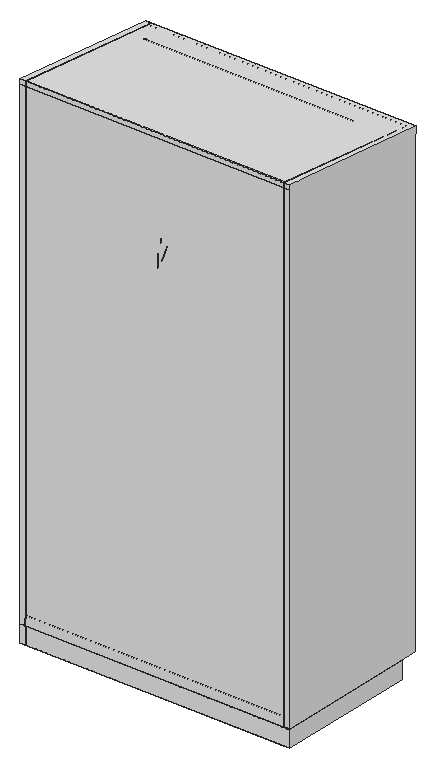
Revit family "Lockers_Series-50_Lincora", category Casework, Revit 2026
Family settings
  Work Plane-Based = No
  Always vertical = Yes
  Cut with Voids When Loaded = No
  Shared = No
  Room Calculation Point = No
Parameters (values of type "Series 50_White")
  Width = if(and(Requested Width < Max Width, Requested Width > Min Width), Requested Width, if(or(Requested Width = Max Width, Requested Width > Max Width), Max Width, Min Width))  # 48"
  URL = "https://www.lincora.com"
  Specification = "https://www.arcat.com/company/Harvey-Building-Products-32985/spec"
  Requested Width = 48"  # constant formula
  Requested Height = 90"  # constant formula
  Requested Depth = 28"  # constant formula
  Product Page URL = "https://www.arcat.com/company/Harvey-Building-Products-32985"
  Number Plate Material = Black Plastic
  Model = "Series 50"
  Min Width = 9"  # constant formula
  Min Height = 30 1/2"  # constant formula
  Min Depth = 12"  # constant formula
  Max Width = 48"  # constant formula
  Max Height = 90"  # constant formula
  Max Depth = 28"  # constant formula
  Manufacturer = "Lincora"
  Lock Material = Aluminum
  Keynote = "10 51 00"
  Increment = "8-Jan"
  Hook Width = Width - 2"  # 46"
  Hook Material = Aluminum
  Height = if(and(Requested Height < Max Height, Requested Height > Min Height), Requested Height, if(or(Requested Height = Max Height, Requested Height > Max Height), Max Height, Min Height))  # 90"
  Door Material = White
  Depth = if(and(Requested Depth < Max Depth, Requested Depth > Min Depth), Requested Depth, if(or(Requested Depth = Max Depth, Requested Depth > Max Depth), Max Depth, Min Depth))  # 28"
  Default Elevation = 0"
  Copyright = "ARCAT, Inc."
  CAD Details = "https://www.arcat.com/company/Harvey-Building-Products-32985/cad"
  Body Material = White
  Base Material = White
Types (12): name | Increment | Door Material | Body Material | Base Material
  Series 50_White | "8-Jan" | White | White | White
  Series 50_Nevada Beige | "" | Nevada Beige | Nevada Beige | Nevada Beige
  Series 50_Pearl Gray | "" | Pearl Gray | Pearl Gray | Pearl Gray
  Series 50_Aluminum Gray | "" | Aluminum Gray | Aluminum Gray | Aluminum Gray
  Series 50_Platinum Gray | "" | Platinum Gray | Platinum Gray | Platinum Gray
  Series 50_Medium Gray | "" | Medium Gray | Medium Gray | Medium Gray
  Series 50_Dark Gray | "" | Dark Gray | Dark Gray | Dark Gray
  Series 50_Ocean Blue | "" | Ocean Blue | Ocean Blue | Ocean Blue
  Series 50_Azure Blue | "" | Azure Blue | Azure Blue | Azure Blue
  Series 50_Dark Blue | "" | Dark Blue | Dark Blue | Dark Blue
  Series 50_Black | "" | Black | Black | Black
  Series 50_Red | "" | Red | Red | Red
Reference planes (in)
  plane 1 "Center (Front/Back)": y = 0
  plane 2: z = 0
  plane 3 "Center (Left/Right)": x = 0
  plane 4: y = 14
  plane 5: y = -14
  plane 6: x = 24
  plane 7: x = -24
  plane 8: z = 90
  plane 9: y = 11
  plane 10: y = 12.645
  plane 11: y = 12.436
  plane 12: y = -13.902
  plane 13: z = 87
  plane 14: z = 82.935
  plane 15: z = 13.794
  plane 16: z = 16.478
  plane 17: z = 17.353
  plane 18: z = 73.5
  plane 19: z = 72.625
  plane 20: z = 86.40205
  plane 21: z = 89.0932
  plane 22: z = 85.592
  plane 23: z = 4.346
  plane 24: z = 4.125
  plane 25: z = 3
  plane 26: z = 4
  plane 27: z = 4.937
  plane 28: z = 5.356
  plane 29: y = 11.936
  plane 30: y = 9.542
  plane 31: y = 8.106
  plane 32: y = -11.216
  plane 33: y = -12.652
  plane 34: x = -23.015
  plane 35: x = 23.015
  plane 36: x = -22.877
  plane 37: x = -21.471
  plane 38: x = -20.659
  plane 39: x = 22.77
  plane 40: x = -22.752
  plane 41: x = -19.378
  plane 42: z = 45
Forms (in)
  Extrusion 1, solid, material "White" <- "Body Material"
    sketch origin (0, 0, 0) x (0, 1, 0) y (0, 0, 1)
      loop
        line (9.542, 13.794) -> (9.542, 82.935) -> (8.106, 82.935) -> (8.106, 13.794) -> (9.542, 13.794)
      loop
        line (-11.216, 82.935) -> (-12.652, 82.935) -> (-12.652, 13.794) -> (-11.216, 13.794) -> (-11.216, 82.935)
    from -23.015 to -22.877
  Extrusion 2, solid, material "White" <- "Body Material"
    sketch origin (0, 0, 0) x (0, 1, 0) y (0, 0, -1)
      loop
        line (9.542, -13.794) -> (8.106, -13.794) -> (8.106, -82.935) -> (9.542, -82.935) -> (9.542, -13.794)
      loop
        line (-11.216, -82.935) -> (-11.216, -13.794) -> (-12.652, -13.794) -> (-12.652, -82.935) -> (-11.216, -82.935)
    from -23.015 to -22.877
  Extrusion 3, solid, material "White" <- "Body Material"
    sketch origin (0, 0, 0) x (0, 1, 0) y (0, 0, 1)
      loop
        line (-14.01, 90) -> (-14.01, 89.125) -> (-13.956, 89.125) -> (-13.956, 89.93766) -> (14.01, 86.95322) -> (14.01, 85.867) -> (12.382, 85.867) -> (12.382, 85.192)
        arc (12.382, 85.192) -> (12.361, 85.171) -> (12.34, 85.192) r 0.021
        line (12.34, 85.192) -> (12.34, 85.492) -> (12.286, 85.492) -> (12.286, 85.192)
        arc (12.286, 85.192) -> (12.361, 85.117) -> (12.436, 85.192) r 0.075
        line (12.436, 85.192) -> (12.436, 85.813) -> (14.064, 85.813) -> (14.064, 87) -> (-14.01, 90)
    from -24 to 24
  Extrusion 4, solid, material "White" <- "Body Material"
    sketch origin (0, 0, 0) x (0, 1, 0) y (0, 0, 1)
      loop
        line (-13.852, 89.92656) -> (-13.852, 89.0932) -> (12.38497, 86.40205) -> (12.45849, 87.11879) -> (-13.852, 89.92656)
    from -23.015 to 23.015
  Extrusion 5, solid, material "White" <- "Body Material"
    sketch origin (0, 0, 0) x (0, 1, 0) y (0, 0, 1)
      loop
        line (11.882, 73.446) -> (11.882, 72.554) -> (11.136, 72.554)
        arc (11.136, 72.554) -> (11.115, 72.575) -> (11.136, 72.596) r 0.021
        line (11.136, 72.596) -> (11.436, 72.596) -> (11.436, 72.65) -> (11.136, 72.65)
        arc (11.136, 72.65) -> (11.061, 72.575) -> (11.136, 72.5) r 0.075
        line (11.136, 72.5) -> (11.936, 72.5) -> (11.936, 73.5) -> (-13.892, 73.5) -> (-13.892, 72.24644) -> (-13.838, 72.24644) -> (-13.838, 73.446) -> (11.882, 73.446)
    from -23.015 to 23.015
  Extrusion 6, solid, material "White" <- "Base Material"
    sketch origin (0, 0, 0) x (0, 1, 0) y (0, 0, 1)
      loop
        line (11, 3) -> (-14, 3) -> (-14, 0) -> (11, 0) -> (11, 3)
      loop
        line (10.946, 2.946) -> (-13.946, 2.946) -> (-13.946, 0.054) -> (10.946, 0.054) -> (10.946, 2.946)
    from -24 to 24
  Extrusion 7, solid, material "White" <- "Base Material"
    sketch origin (0, 0, 0) x (1, 0, 0) y (0, 1, 0)
      loop
        line (23.015, 10.946) -> (23.015, -13.946) -> (24, -13.946) -> (24, 10.946) -> (23.015, 10.946)
      loop
        line (-24, 10.946) -> (-24, -13.946) -> (-23.015, -13.946) -> (-23.015, 10.946) -> (-24, 10.946)
    from 0.054 to 2.946
  Extrusion 8, solid, material "White" <- "Body Material"
    sketch origin (0, 0, 0) x (0, 1, 0) y (0, 0, 1)
      loop
        line (13.882, 3.054) -> (13.436, 3.054) -> (13.436, 3) -> (13.936, 3) -> (13.936, 4.125) -> (12.436, 4.125) -> (12.436, 4.937) -> (-13.892, 5.356) -> (-13.892, 3.044) -> (-13.838, 3.044) -> (-13.838, 5.3008) -> (12.382, 4.88417) -> (12.382, 4.071) -> (13.882, 4.071) -> (13.882, 3.054)
    from -23.015 to 23.015
  Extrusion 9, solid, material "White" <- "Body Material"
    sketch origin (0, 0, 0) x (0, 1, 0) y (0, 0, 1)
      loop
        line (13.946, 3.044) -> (14, 3.044) -> (14, 4.265) -> (13.102, 4.265) -> (13.102, 4.346) -> (13.063, 4.346) -> (13.063, 4.141) -> (13.946, 4.141) -> (13.946, 3.044)
    from -23.015 to 23.015
  Extrusion 10, solid, material "White" <- "Door Material"
    sketch origin (0, 0, 0) x (0, 1, 0) y (0, 0, 1)
      loop
        line (13.929, 4.32428) -> (13.102, 4.32428) -> (13.102, 4.265) -> (14, 4.265) -> (14, 85.673) -> (13.102, 85.673) -> (13.102, 85.602) -> (13.929, 85.602) -> (13.929, 85.56856) -> (12.645, 85.56856) -> (12.645, 4.35772) -> (13.929, 4.35772) -> (13.929, 4.32428)
      loop
        line (13.929, 85.51456) -> (12.699, 85.51456) -> (12.699, 4.4) -> (13.929, 4.4) -> (13.929, 85.51456)
    from -22.877 to 22.77
  Extrusion 11, solid, material "White" <- "Body Material"
    sketch origin (0, 0, 0) x (0, 1, 0) y (0, 0, 1)
      loop
        line (11.40183, 72.625) -> (11.40183, 73.446) -> (-13.679, 73.446) -> (-13.679, 72.625) -> (11.40183, 72.625)
    from -23.015 to 23.015
  Extrusion 12, solid, material "White" <- "Body Material"
    sketch origin (0, 0, -48.147) x (0, 1, 0) y (0, 0, 1)
      loop
        line (11.882, 65.446) -> (11.882, 64.554) -> (11.136, 64.554)
        arc (11.136, 64.554) -> (11.115, 64.575) -> (11.136, 64.596) r 0.021
        line (11.136, 64.596) -> (11.436, 64.596) -> (11.436, 64.65) -> (11.136, 64.65)
        arc (11.136, 64.65) -> (11.061, 64.575) -> (11.136, 64.5) r 0.075
        line (11.136, 64.5) -> (11.936, 64.5) -> (11.936, 65.5) -> (-13.892, 65.5) -> (-13.892, 64.24644) -> (-13.838, 64.24644) -> (-13.838, 65.446) -> (11.882, 65.446)
    from -23.015 to 23.015
  Extrusion 13, solid, material "White" <- "Body Material"
    sketch origin (0, 0, -48.147) x (0, 1, 0) y (0, 0, 1)
      loop
        line (11.40183, 64.625) -> (11.40183, 65.446) -> (-13.679, 65.446) -> (-13.679, 64.625) -> (11.40183, 64.625)
    from -23.015 to 23.015
  Extrusion 14, solid, material "White" <- "Body Material"
    sketch origin (0, 0, 0) x (0, 1, 0) y (0, 0, 1)
      loop
        line (10.375, 3.14482) -> (12.20371, 3.10466) -> (12.24286, 4.88723) -> (-13.76402, 5.29918) -> (-13.78121, 4.51636) -> (-12.80341, 3.49465) -> (-10.375, 3.44132) -> (-10.375, 4) -> (10.375, 4) -> (10.375, 3.14482)
    from -23.015 to 23.015
  Extrusion 15, solid, material "White" <- "Body Material"
    sketch origin (0, 0, 0) x (0, 1, 0) y (0, 0, 1)
      loop
        line (10.375, 3.054) -> (13.882, 3.054) -> (13.882, 4.071) -> (12.382, 4.071) -> (12.382, 4.88417) -> (12.24286, 4.88723) -> (12.20371, 3.10466) -> (10.375, 3.14482) -> (10.375, 3.054)
      loop
        line (-13.8666, 5.3008) -> (-13.8666, 3.044) -> (-10.375, 3.044) -> (-10.375, 3.44132) -> (-12.80341, 3.49465) -> (-13.78121, 4.51636) -> (-13.76402, 5.29918) -> (-13.8666, 5.3008)
    from -23.015 to 23.015
  Extrusion 16, solid, material "White" <- "Body Material"
    sketch origin (0, 0, 0) x (0, 1, 0) y (0, 0, 1)
      loop
        line (-13.071, 3.044) -> (-13.902, 3.044) -> (-13.902, 89.92869) -> (-14, 89.94497) -> (-14, 3.044) -> (-13.946, 3.044) -> (-13.946, 3) -> (-13.071, 3) -> (-13.071, 3.044)
    from -23.015 to 23.015
  Extrusion 17, solid, material "White" <- "Body Material"
    sketch origin (0, 0, 0) x (1, 0, 0) y (0, 0, 1)
      loop
        line (-23.015, 85.813) -> (23.015, 85.813) -> (23.015, 85.921) -> (24, 85.921) -> (24, 87) -> (-24, 87) -> (-24, 85.921) -> (-23.015, 85.921) -> (-23.015, 85.813)
    from -14 to -13.171
  Extrusion 18, solid, material "White" <- "Body Material"
    sketch origin (0, 0, 0) x (1, 0, 0) y (0, 0, 1)
      loop
        line (-23.015, 4.125) -> (-23.015, 89.892) -> (-23.015, 90) -> (-24, 90) -> (-24, 3.044) -> (-23.123, 3.044) -> (-23.123, 4.125) -> (-23.015, 4.125)
      loop
        line (23.015, 90) -> (23.015, 4.125) -> (23.123, 4.125) -> (23.123, 3.044) -> (24, 3.044) -> (24, 90) -> (23.015, 90)
    from -14 to 14
  Extrusion 19, void
    sketch origin (0, 0, 0) x (0, 1, 0) y (0, 0, 1)
      loop
        line (14.5, 86.95341) -> (14.5, 94.5) -> (-14, 94.5) -> (-14, 89.99893) -> (14.5, 86.95341)
    from -24 to 24
  Blend 20, void
    base sketch origin (0, 0, 0) x (1, 0, 0) y (0, 0, 1)
      loop
        arc (-19.378, 47.50573) -> (-19.4268, 47.62356) -> (-19.54463, 47.67236) r 0.16663
        line (-19.54463, 47.67236) -> (-22.59402, 47.67236)
        arc (-22.59402, 47.67236) -> (-22.70573, 47.62609) -> (-22.752, 47.51438) r 0.15798
        line (-22.752, 47.51438) -> (-22.752, 42.04) -> (-19.378, 42.04) -> (-19.378, 47.50573)
    top sketch origin (0, 0, 0) x (1, 0, 0) y (0, 0, 1)
      loop
        line (-22.44644, 47.31244) -> (-22.44644, 42.31456) -> (-19.68356, 42.31456) -> (-19.68356, 47.31244) -> (-22.44644, 47.31244)
    from -14 to -12.81
  Extrusion 21, solid, material "White" <- "Door Material"
    sketch origin (0, 0, 0) x (1, 0, 0) y (0, 0, 1)
      loop
        line (-19.261, 47.6997) -> (-22.877, 47.6997) -> (-22.877, 41.92907) -> (-19.261, 41.92907) -> (-19.261, 47.6997)
    from -14 to -12.645
  Extrusion 22, solid, material "Aluminum" <- "Lock Material"
    sketch origin (0, 0, 0) x (1, 0, 0) y (0, 0, 1)
      loop
        arc (-20.45579, 43.69679) -> (-20.06722, 44.487) -> (-20.45579, 45.27721) r 0.99778
        line (-20.45579, 45.27721) -> (-20.7256, 45.7281)
        arc (-20.7256, 45.7281) -> (-20.76612, 45.78405) -> (-20.81575, 45.83211) r 0.39552
        line (-20.81575, 45.83211) -> (-21.065, 46.24457) -> (-21.31425, 45.83211)
        arc (-21.31425, 45.83211) -> (-21.36388, 45.78405) -> (-21.4044, 45.7281) r 0.39552
        line (-21.4044, 45.7281) -> (-21.67421, 45.27721)
        arc (-21.67421, 45.27721) -> (-22.06278, 44.487) -> (-21.67421, 43.69679) r 0.99778
        line (-21.67421, 43.69679) -> (-21.4044, 43.2459)
        arc (-21.4044, 43.2459) -> (-21.36388, 43.18995) -> (-21.31425, 43.14189) r 0.39552
        line (-21.31425, 43.14189) -> (-21.065, 42.72943) -> (-20.81575, 43.14189)
        arc (-20.81575, 43.14189) -> (-20.76612, 43.18995) -> (-20.7256, 43.2459) r 0.39552
        line (-20.7256, 43.2459) -> (-20.45579, 43.69679)
    from -13.22037 to -12.81
  Blend 23, solid, material "Aluminum" <- "Lock Material"
    base sketch origin (0, 0, 0) x (1, 0, 0) y (0, 0, 1)
      loop
        circle (-21.065, 44.487) r 1
    top sketch origin (0, 0, 0) x (1, 0, 0) y (0, 0, 1)
      loop
        circle (-21.065, 44.487) r 0.5
    from -13.22037 to -13.55812
  Extrusion 24, solid, material "Aluminum" <- "Lock Material"
    sketch origin (0, 0, 0) x (1, 0, 0) y (0, 0, 1)
      loop
        circle (-21.065, 44.487) r 0.5
    from -13.83254 to -13.55812
  Extrusion 25, solid, material "Black Plastic" <- "Number Plate Material"
    sketch origin (0, 0, 0) x (1, 0, 0) y (0, 0, 1)
      loop
        line (-19.935, 49.683) -> (-22.195, 49.683) -> (-22.195, 48.923) -> (-19.935, 48.923) -> (-19.935, 49.683)
    from -14.052 to -14
  Extrusion 26, solid, material "Aluminum" <- "Lock Material"
    sketch origin (0, 0, 0) x (1, 0, 0) y (0, 0, 1)
      loop
        arc (-20.50908, 49.44871) -> (-20.55774, 49.46572) -> (-20.59174, 49.50446) r 0.10143
        line (-20.59174, 49.50446) -> (-20.63323, 49.50446) -> (-20.63323, 49.144) -> (-20.70422, 49.144) -> (-20.70422, 49.10316) -> (-20.50908, 49.10316) -> (-20.50908, 49.144) -> (-20.58169, 49.144) -> (-20.58169, 49.41208) -> (-20.50908, 49.41208) -> (-20.50908, 49.44871)
      loop
        spline (-20.91459, 49.09473) -> (-20.88143, 49.10183) -> (-20.85052, 49.12264) -> (-20.82398, 49.15573) -> (-20.80362, 49.19887) -> (-20.79082, 49.2491) -> (-20.78645, 49.303) -> (-20.79082, 49.3569) -> (-20.80362, 49.40713) -> (-20.82398, 49.45027) -> (-20.85052, 49.48336) -> (-20.88143, 49.50417) -> (-20.91459, 49.51127)
        spline (-20.91459, 49.51127) -> (-20.94776, 49.50417) -> (-20.97867, 49.48336) -> (-21.00521, 49.45027) -> (-21.02557, 49.40713) -> (-21.03837, 49.3569) -> (-21.04274, 49.303) -> (-21.03837, 49.2491) -> (-21.02557, 49.19887) -> (-21.00521, 49.15573) -> (-20.97867, 49.12264) -> (-20.94776, 49.10183) -> (-20.91459, 49.09473)
      loop
        spline (-20.91459, 49.12322) -> (-20.89055, 49.12935) -> (-20.86815, 49.14731) -> (-20.84892, 49.17588) -> (-20.83416, 49.21311) -> (-20.82488, 49.25647) -> (-20.82171, 49.303) -> (-20.82488, 49.34953) -> (-20.83416, 49.39289) -> (-20.84892, 49.43012) -> (-20.86815, 49.45869) -> (-20.89055, 49.47665) -> (-20.91459, 49.48278)
        spline (-20.91459, 49.48278) -> (-20.93863, 49.47665) -> (-20.96104, 49.45869) -> (-20.98027, 49.43012) -> (-20.99503, 49.39289) -> (-21.00431, 49.34953) -> (-21.00748, 49.303) -> (-21.00431, 49.25647) -> (-20.99503, 49.21311) -> (-20.98027, 49.17588) -> (-20.96104, 49.14731) -> (-20.93863, 49.12935) -> (-20.91459, 49.12322)
      loop
        spline (-21.21476, 49.09473) -> (-21.18159, 49.10183) -> (-21.15069, 49.12264) -> (-21.12415, 49.15573) -> (-21.10378, 49.19887) -> (-21.09098, 49.2491) -> (-21.08661, 49.303) -> (-21.09098, 49.3569) -> (-21.10378, 49.40713) -> (-21.12415, 49.45027) -> (-21.15069, 49.48336) -> (-21.18159, 49.50417) -> (-21.21476, 49.51127)
        spline (-21.21476, 49.51127) -> (-21.24792, 49.50417) -> (-21.27883, 49.48336) -> (-21.30537, 49.45027) -> (-21.32573, 49.40713) -> (-21.33853, 49.3569) -> (-21.3429, 49.303) -> (-21.33853, 49.2491) -> (-21.32573, 49.19887) -> (-21.30537, 49.15573) -> (-21.27883, 49.12264) -> (-21.24792, 49.10183) -> (-21.21476, 49.09473)
      loop
        spline (-21.21476, 49.12322) -> (-21.19072, 49.12935) -> (-21.16832, 49.14731) -> (-21.14908, 49.17588) -> (-21.13432, 49.21311) -> (-21.12504, 49.25647) -> (-21.12187, 49.303) -> (-21.12504, 49.34953) -> (-21.13432, 49.39289) -> (-21.14908, 49.43012) -> (-21.16832, 49.45869) -> (-21.19072, 49.47665) -> (-21.21476, 49.48278)
        spline (-21.21476, 49.48278) -> (-21.2388, 49.47665) -> (-21.2612, 49.45869) -> (-21.28044, 49.43012) -> (-21.2952, 49.39289) -> (-21.30448, 49.34953) -> (-21.30764, 49.303) -> (-21.30448, 49.25647) -> (-21.2952, 49.21311) -> (-21.28044, 49.17588) -> (-21.2612, 49.14731) -> (-21.2388, 49.12935) -> (-21.21476, 49.12322)
      loop
        spline (-21.51492, 49.09473) -> (-21.48175, 49.10183) -> (-21.45085, 49.12264) -> (-21.42431, 49.15573) -> (-21.40394, 49.19887) -> (-21.39114, 49.2491) -> (-21.38678, 49.303) -> (-21.39114, 49.3569) -> (-21.40394, 49.40713) -> (-21.42431, 49.45027) -> (-21.45085, 49.48336) -> (-21.48175, 49.50417) -> (-21.51492, 49.51127)
        spline (-21.51492, 49.51127) -> (-21.54808, 49.50417) -> (-21.57899, 49.48336) -> (-21.60553, 49.45027) -> (-21.62589, 49.40713) -> (-21.6387, 49.3569) -> (-21.64306, 49.303) -> (-21.6387, 49.2491) -> (-21.62589, 49.19887) -> (-21.60553, 49.15573) -> (-21.57899, 49.12264) -> (-21.54808, 49.10183) -> (-21.51492, 49.09473)
      loop
        spline (-21.51492, 49.12322) -> (-21.49088, 49.12935) -> (-21.46848, 49.14731) -> (-21.44924, 49.17588) -> (-21.43448, 49.21311) -> (-21.4252, 49.25647) -> (-21.42204, 49.303) -> (-21.4252, 49.34953) -> (-21.43448, 49.39289) -> (-21.44924, 49.43012) -> (-21.46848, 49.45869) -> (-21.49088, 49.47665) -> (-21.51492, 49.48278)
        spline (-21.51492, 49.48278) -> (-21.53896, 49.47665) -> (-21.56136, 49.45869) -> (-21.5806, 49.43012) -> (-21.59536, 49.39289) -> (-21.60464, 49.34953) -> (-21.6078, 49.303) -> (-21.60464, 49.25647) -> (-21.59536, 49.21311) -> (-21.5806, 49.17588) -> (-21.56136, 49.14731) -> (-21.53896, 49.12935) -> (-21.51492, 49.12322)
    from -14.052 to -14.08434
  Extrusion 27, void
    sketch origin (0, 0, 0) x (1, 0, 0) y (0, 0, 1)
      loop
        line (-21.471, 13.328) -> (-20.659, 13.328) -> (-20.659, 13.578) -> (-21.471, 13.578) -> (-21.471, 13.328)
      loop
        line (-20.659, 13.078) -> (-21.471, 13.078) -> (-21.471, 12.828) -> (-20.659, 12.828) -> (-20.659, 13.078)
      loop
        line (-20.659, 12.578) -> (-21.471, 12.578) -> (-21.471, 12.328) -> (-20.659, 12.328) -> (-20.659, 12.578)
      loop
        line (-20.659, 12.078) -> (-21.471, 12.078) -> (-21.471, 11.828) -> (-20.659, 11.828) -> (-20.659, 12.078)
      loop
        line (-21.471, 11.328) -> (-20.659, 11.328) -> (-20.659, 11.578) -> (-21.471, 11.578) -> (-21.471, 11.328)
      loop
        line (-20.659, 11.078) -> (-21.471, 11.078) -> (-21.471, 10.828) -> (-20.659, 10.828) -> (-20.659, 11.078)
      loop
        line (-20.659, 10.578) -> (-21.471, 10.578) -> (-21.471, 10.328) -> (-20.659, 10.328) -> (-20.659, 10.578)
      loop
        line (-20.659, 10.078) -> (-21.471, 10.078) -> (-21.471, 9.828) -> (-20.659, 9.828) -> (-20.659, 10.078)
      loop
        line (-20.659, 9.578) -> (-21.471, 9.578) -> (-21.471, 9.328) -> (-20.659, 9.328) -> (-20.659, 9.578)
      loop
        line (-20.659, 9.078) -> (-21.471, 9.078) -> (-21.471, 8.828) -> (-20.659, 8.828) -> (-20.659, 9.078)
      loop
        line (-20.659, 8.578) -> (-21.471, 8.578) -> (-21.471, 8.328) -> (-20.659, 8.328) -> (-20.659, 8.578)
      loop
        line (-20.659, 8.078) -> (-21.471, 8.078) -> (-21.471, 7.828) -> (-20.659, 7.828) -> (-20.659, 8.078)
      loop
        line (-20.659, 7.578) -> (-21.471, 7.578) -> (-21.471, 7.328) -> (-20.659, 7.328) -> (-20.659, 7.578)
      loop
        line (-20.659, 7.078) -> (-21.471, 7.078) -> (-21.471, 6.828) -> (-20.659, 6.828) -> (-20.659, 7.078)
    from -12.645 to -14
Cuts and joins
  joined: Extrusion 6, Extrusion 7
  Extrusion 19 cuts Extrusion 18
  joined: Extrusion 3, Extrusion 17, Extrusion 18
  Extrusion 19 cuts Extrusion 4
  Blend 20, Extrusion 27 cuts Extrusion 16
  Blend 20, Extrusion 27 cuts Extrusion 10
  Blend 20 cuts Extrusion 21
  joined: Extrusion 10, Extrusion 21
Dimensions and locks (in)
  equal spacing: plane 7, plane 3 "Center (Left/Right)", plane 6
  equal spacing: plane 4, plane 1 "Center (Front/Back)", plane 5
  "Width": plane 7 to plane 6
  "Depth": plane 5 to plane 4
  "Height": plane 8 to level
  plane 8 to plane 21 to plane 13 to plane 20 to plane 22 to plane 14 to plane 18 to plane 19 = 0.9068" locked, 2.0932" locked, 0.59795" locked, 0.81005" locked, 2.657" locked, 9.435" locked, 7/8" locked
  plane 17 to plane 16 to plane 15 to plane 28 to plane 27 to plane 23 to plane 24 to plane 26 to plane 25 to level = 7/8" locked, 2.684" locked, 8.438" locked, 0.419" locked, 0.591" locked, 0.221" locked, 1/8" locked, 1" locked, 3" locked
  plane 4 to plane 10 to plane 11 to plane 29 to plane 9 to plane 30 to plane 31 = 1.355" locked, 0.209" locked, 1/2" locked, 0.936" locked, 1.458" locked, 1.436" locked
  plane 32 to plane 33 to plane 12 to plane 5 = 1.436" locked, 1 1/4" locked, 0.098" locked
  plane 7 to plane 34 to plane 36 to plane 40 to plane 37 to plane 38 to plane 41 = 0.985" locked, 0.138" locked, 1/8" locked, 1.281" locked, 0.812" locked, 1.281" locked
  plane 6 to plane 35 to plane 39 = 0.985" locked, 0.245" locked
  locked: Extrusion 2 to plane 35 at 0.138
  equal spacing: plane 8, plane 42, level
  Extrusion 3 sketch curve to plane 5 to Extrusion 3 sketch curve = 0.044" locked, 0.01" locked
  Extrusion 3 sketch curve to Extrusion 3 sketch curve to plane 21 = 0.81266" locked, 0.0318" locked
  Extrusion 3 sketch curve to Extrusion 3 sketch curve to plane 4 = 0.054" locked, 0.01" locked
  plane 13 to Extrusion 3 sketch curve to Extrusion 3 sketch curve to Extrusion 3 sketch curve to Extrusion 3 sketch curve to Extrusion 3 sketch curve to Extrusion 3 sketch curve = 0.04678" locked, 1.08622" locked, 0.054" locked, 0.321" locked, 0.321" locked, 0.054" locked
  plane 4 to Extrusion 3 sketch curve to Extrusion 3 sketch curve to Extrusion 3 sketch curve to Extrusion 3 sketch curve = 1.564" locked, 0.054" locked, 0.042" locked, 0.054" locked
  plane 29 to Extrusion 5 sketch curve to Extrusion 5 sketch curve to Extrusion 5 sketch curve to Extrusion 5 sketch curve = 0.054" locked, 0.446" locked, 0.321" locked, 0.054" locked
  Extrusion 5 sketch curve to Extrusion 5 sketch curve to plane 12 = 0.054" locked, 0.01" locked
  plane 18 to Extrusion 5 sketch curve to Extrusion 5 sketch curve to Extrusion 5 sketch curve to Extrusion 5 sketch curve to Extrusion 5 sketch curve to Extrusion 5 sketch curve = 0.054" locked, 0.796" locked, 0.054" locked, 0.042" locked, 0.054" locked, 0.25356" locked
  locked: plane 9 to Extrusion 6 sketch curve at 0.054
  locked: Extrusion 6 sketch curve to plane 5 at 0.054
  locked: Extrusion 6 sketch curve to level at 0.054
  locked: plane 25 to Extrusion 6 sketch curve at 0.054
  Extrusion 8 sketch curve to Extrusion 8 sketch curve to plane 25 = 2.2568" locked, 0.044" locked
  Extrusion 8 sketch curve to Extrusion 8 sketch curve to plane 12 = 0.054" locked, 0.01" locked
  plane 4 to Extrusion 8 sketch curve to Extrusion 8 sketch curve to Extrusion 8 sketch curve to Extrusion 8 sketch curve to Extrusion 8 sketch curve = 0.064" locked, 0.054" locked, 0.446" locked, 1" locked, 0.054" locked
  Extrusion 8 sketch curve to Extrusion 8 sketch curve to Extrusion 8 sketch curve to plane 25 = 0.81317" locked, 1.017" locked, 0.054" locked
  plane 23 to Extrusion 9 sketch curve to Extrusion 9 sketch curve to Extrusion 9 sketch curve = 0.081" locked, 0.124" locked, 1.097" locked
  plane 4 to Extrusion 9 sketch curve to Extrusion 9 sketch curve to Extrusion 9 sketch curve = 0.054" locked, 0.844" locked, 0.039" locked
  Extrusion 10 sketch curve to Extrusion 10 sketch curve to plane 22 to Extrusion 10 sketch curve to Extrusion 10 sketch curve = 0.071" locked, 0.01" locked, 3/128" locked, 0.054" locked
  locked: plane 4 to Extrusion 10 sketch curve at 0.071
  locked: Extrusion 10 sketch curve to plane 10 at 0.054
  Extrusion 10 sketch curve to Extrusion 10 sketch curve to Extrusion 10 sketch curve to Extrusion 9 to plane 24 = 0.04228" locked, 0.03344" locked, 0.05928" locked, 0.14" locked
  plane 4 to Extrusion 10 sketch curve to Extrusion 10 sketch curve = 0.071" locked, 0.827" locked
  locked: Extrusion 11 sketch curve to plane 9 at 0.40183
  locked: Extrusion 11 sketch curve to plane 12 at 0.223
  plane 29 to Extrusion 12 sketch curve to Extrusion 12 sketch curve to Extrusion 12 sketch curve to Extrusion 12 sketch curve = 0.054" locked, 0.446" locked, 0.321" locked, 0.054" locked
  Extrusion 12 sketch curve to Extrusion 12 sketch curve to plane 12 = 0.054" locked, 0.01" locked
  plane 17 to Extrusion 12 sketch curve to Extrusion 12 sketch curve to Extrusion 12 sketch curve to Extrusion 12 sketch curve to Extrusion 12 sketch curve to Extrusion 12 sketch curve = 0.054" locked, 0.796" locked, 0.054" locked, 0.042" locked, 0.054" locked, 0.25356" locked
  locked: Extrusion 13 sketch curve to plane 12 at 0.223
  locked: plane 29 to Extrusion 13 sketch curve at 0.53417
  locked: Extrusion 16 sketch curve to plane 25 at 0.044
  Extrusion 17 sketch curve to Extrusion 17 sketch curve to plane 22 = 0.108" locked, 0.221" locked
  locked: Extrusion 17 sketch curve to plane 22 at 0.329
  locked: Extrusion 17 to plane 22 at 0.329  (x2)
  locked: Extrusion 18 sketch curve to plane 25 at 0.044  (x2)
  locked: Extrusion 17 to plane 10 at 0.526
  Extrusion 15 sketch curve to Extrusion 15 sketch curve to Extrusion 15 sketch curve to Extrusion 15 sketch curve to Extrusion 8 to plane 12 = 2.42841" locked, 0.96061" locked, 0.01719" locked, 0.05679" locked, 0.064" locked
  plane 4 to Extrusion 8 to Extrusion 8 to Extrusion 15 sketch curve to Extrusion 15 sketch curve to Extrusion 15 sketch curve = 0.118" locked, 1 1/2" locked, 0.13914" locked, 0.03915" locked, 1.82871" locked
  plane 4 to Extrusion 14 sketch curve to Extrusion 14 sketch curve to Extrusion 14 sketch curve = 1.75714" locked, 0.03915" locked, 1.82871" locked
  Extrusion 14 sketch curve to Extrusion 14 sketch curve to Extrusion 14 sketch curve to Extrusion 14 sketch curve to plane 5 = 2.42841" locked, 0.96061" locked, 0.01719" locked, 0.21879" locked
  plane 27 to Extrusion 14 sketch curve to Extrusion 14 sketch curve to Extrusion 14 sketch curve = 0.04977" locked, 1.74241" locked, 0.04016" locked
  plane 28 to Extrusion 14 sketch curve to Extrusion 14 sketch curve to Extrusion 14 sketch curve to Extrusion 14 sketch curve = 0.05682" locked, 0.78281" locked, 1.02172" locked, 0.05333" locked
  plane 28 to Extrusion 15 sketch curve to Extrusion 15 sketch curve to Extrusion 15 sketch curve to Extrusion 15 sketch curve to Extrusion 15 sketch curve = 0.0552" locked, 0.00162" locked, 0.78281" locked, 1.02172" locked, 0.05333" locked
  plane 27 to Extrusion 15 sketch curve to Extrusion 15 sketch curve to Extrusion 15 sketch curve to Extrusion 15 sketch curve = 0.04977" locked, 0.00306" locked, 1.73935" locked, 0.04016" locked
  locked: Extrusion 19 sketch curve to plane 8 at 4.5
  locked: Extrusion 19 sketch curve to plane 4 at 0.5
  Blend 20 sketch curve to plane 42 to Blend 20 sketch curve = 2.96" locked, 2.67236" locked
  plane 7 to Blend 20 sketch curve to Blend 20 sketch curve = 1.248" locked, 3.374" locked
  Blend 20 sketch curve to plane 42 to Blend 20 sketch curve = 2.68544" locked, 2.31244" locked
  plane 7 to Blend 20 sketch curve to Blend 20 sketch curve = 1.55356" locked, 2.76289" locked
  locked: plane 4 to Blend 20 at 1.19
  Extrusion 21 sketch curve to plane 42 to Extrusion 21 sketch curve = 3.07093" locked, 2.6997" locked
  locked: plane 7 to Extrusion 21 sketch curve at 4.739
  Extrusion 25 sketch curve to plane 37 to Extrusion 25 sketch curve = 0.724" locked, 1.536" locked
  plane 42 to Extrusion 25 sketch curve to Extrusion 25 sketch curve = 3.923" locked, 0.76" locked
  locked: Extrusion 25 to plane 4 at 0.052
  locked: Extrusion 26 to plane 4 at 0.08434
  Extrusion 26 sketch curve to plane 38 to Extrusion 26 sketch curve to Extrusion 26 sketch curve to Extrusion 26 sketch curve to Extrusion 26 sketch curve = 0.04522" locked, 0.02577" locked, 0.05154" locked, 0.07261" locked, 0" locked
  locked: Extrusion 22 sketch curve to plane 42 at 0.513  (x2)
  locked: Extrusion 22 sketch curve to plane 38 at 0.406
  locked: plane 37 to Extrusion 22 sketch curve at 0.406
  plane 40 to Extrusion 22 sketch curve to Extrusion 22 sketch curve to Extrusion 22 sketch curve to Extrusion 22 sketch curve to Extrusion 22 sketch curve to Extrusion 22 sketch curve to Extrusion 22 sketch curve = 1.07779" locked, 0.26981" locked, 0.09015" locked, 0.24925" locked, 0.24925" locked, 0.09015" locked, 0.26981" locked
  equal spacing: plane 40, Extrusion 22 sketch curve, Extrusion 22 sketch curve, Extrusion 22 sketch curve, Extrusion 22 sketch curve, Extrusion 22 sketch curve, Extrusion 22 sketch curve, Extrusion 22 sketch curve
  Extrusion 22 sketch curve to Extrusion 22 sketch curve to plane 42 to Extrusion 22 sketch curve to Extrusion 22 sketch curve = 0" locked, 1.30321" locked, 0.27721" locked, 0" locked
  locked: Blend 23 sketch curve to plane 42 at 0.513  (x2)
  locked: plane 37 to Blend 23 sketch curve at 0.406  (x2)
  locked: Extrusion 24 sketch curve to plane 42 at 0.513
  locked: plane 37 to Extrusion 24 sketch curve at 0.406
  Extrusion 24 to Extrusion 24 to Extrusion 22 to plane 11 = 0.27441" locked, 0.33776" locked, 0.78437" locked
  plane 28 to Extrusion 27 sketch curve to Extrusion 27 sketch curve to Extrusion 27 sketch curve to Extrusion 27 sketch curve to Extrusion 27 sketch curve to Extrusion 27 sketch curve to Extrusion 27 sketch curve to Extrusion 27 sketch curve to Extrusion 27 sketch curve to Extrusion 27 sketch curve to Extrusion 27 sketch curve to Extrusion 27 sketch curve to Extrusion 27 sketch curve to Extrusion 27 sketch curve to Extrusion 27 sketch curve to Extrusion 27 sketch curve to Extrusion 27 sketch curve to Extrusion 27 sketch curve to Extrusion 27 sketch curve to Extrusion 27 sketch curve to Extrusion 27 sketch curve to Extrusion 27 sketch curve to Extrusion 27 sketch curve to Extrusion 27 sketch curve to Extrusion 27 sketch curve to Extrusion 27 sketch curve to Extrusion 27 sketch curve to Extrusion 27 sketch curve = 1.472" locked, 1/4" locked, 1/4" locked, 1/4" locked, 1/4" locked, 1/4" locked, 1/4" locked, 1/4" locked, 1/4" locked, 1/4" locked, 1/4", 1/4", 1/4", 1/4", 1/4", 1/4", 1/4", 1/4", 1/4", 1/4", 1/4", 1/4", 1/4", 1/4", 1/4", 1/4", 1/4", 1/4"
  aligned and locked: plane 2 to level
  aligned and locked: plane 30 to Extrusion 1 sketch curve
  aligned and locked: plane 15 to Extrusion 1 sketch curve  (x2)
  aligned and locked: plane 31 to Extrusion 1 sketch curve
  aligned and locked: plane 14 to Extrusion 1 sketch curve  (x2)
  aligned and locked: plane 33 to Extrusion 1 sketch curve
  aligned and locked: plane 32 to Extrusion 1 sketch curve
  aligned and locked: plane 34 to Extrusion 1
  aligned and locked: Extrusion 1 to plane 36
  aligned and locked: plane 14 to Extrusion 2
  aligned and locked: Extrusion 2 to plane 15
  aligned and locked: Extrusion 2 to plane 35
  aligned and locked: Extrusion 2 sketch curve to plane 15  (x2)
  aligned and locked: Extrusion 2 sketch curve to plane 33
  aligned and locked: Extrusion 2 sketch curve to plane 32
  aligned and locked: Extrusion 2 sketch curve to plane 31
  aligned and locked: Extrusion 2 sketch curve to plane 30
  aligned and locked: Extrusion 2 sketch curve to plane 14  (x2)
  aligned and locked: plane 8 to Extrusion 3 sketch curve
  aligned and locked: plane 13 to Extrusion 3 sketch curve
  aligned and locked: plane 18 to Extrusion 5 sketch curve
  aligned and locked: plane 29 to Extrusion 5 sketch curve
  aligned and locked: plane 25 to Extrusion 6 sketch curve
  aligned and locked: plane 9 to Extrusion 6 sketch curve
  aligned and locked: level to Extrusion 6 sketch curve
  aligned and locked: Extrusion 6 sketch curve to plane 5
  aligned and locked: plane 7 to Extrusion 6
  aligned and locked: plane 6 to Extrusion 6
  aligned and locked: Extrusion 7 sketch curve to plane 6
  aligned and locked: plane 35 to Extrusion 7 sketch curve
  aligned and locked: plane 34 to Extrusion 7 sketch curve
  aligned and locked: plane 7 to Extrusion 7 sketch curve
  aligned and locked: cut or joined group of Extrusion 6, Extrusion 7 to cut or joined group of Extrusion 6, Extrusion 7  (x6)
  aligned and locked: plane 28 to Extrusion 8 sketch curve
  aligned and locked: plane 25 to Extrusion 8 sketch curve
  aligned and locked: Extrusion 8 sketch curve to plane 24
  aligned and locked: plane 27 to Extrusion 8 sketch curve
  aligned and locked: Extrusion 9 sketch curve to plane 4
  aligned and locked: plane 23 to Extrusion 9 sketch curve
  aligned and locked: Extrusion 10 sketch curve to plane 10
  aligned and locked: plane 4 to Extrusion 10 sketch curve
  aligned and locked: plane 19 to Extrusion 11 sketch curve
  aligned and locked: Extrusion 11 sketch curve to Extrusion 5
  aligned and locked: Extrusion 13 sketch curve to Extrusion 12
  aligned and locked: Extrusion 13 sketch curve to plane 16
  aligned and locked: plane 29 to Extrusion 12 sketch curve
  aligned and locked: plane 17 to Extrusion 12 sketch curve
  aligned and locked: plane 26 to Extrusion 14 sketch curve
  aligned and locked: Extrusion 15 sketch curve to Extrusion 8  (x4)
  aligned and locked: Extrusion 15 sketch curve to Extrusion 14
  aligned and locked: plane 5 to Extrusion 16 sketch curve
  aligned and locked: Extrusion 16 sketch curve to plane 12
  aligned and locked: Extrusion 16 sketch curve to plane 25
  aligned and locked: Extrusion 16 sketch curve to Extrusion 15
  aligned and locked: plane 7 to Extrusion 3
  aligned and locked: plane 6 to Extrusion 3
  aligned and locked: plane 34 to Extrusion 12
  aligned and locked: plane 34 to Extrusion 13
  aligned and locked: plane 34 to Extrusion 5
  aligned and locked: plane 34 to Extrusion 11
  aligned and locked: Extrusion 12 to plane 35
  aligned and locked: Extrusion 5 to plane 35
  aligned and locked: Extrusion 11 to plane 35
  aligned and locked: Extrusion 13 to plane 35
  aligned and locked: plane 34 to Extrusion 14
  aligned and locked: plane 34 to Extrusion 15
  aligned and locked: plane 34 to Extrusion 8
  aligned and locked: Extrusion 15 to plane 35
  aligned and locked: Extrusion 14 to plane 35
  aligned and locked: Extrusion 8 to plane 35
  aligned and locked: plane 34 to Extrusion 9
  aligned and locked: Extrusion 9 to plane 35
  aligned and locked: plane 13 to Extrusion 17 sketch curve
  aligned and locked: plane 7 to Extrusion 17 sketch curve
  aligned and locked: plane 6 to Extrusion 17 sketch curve
  aligned and locked: Extrusion 17 sketch curve to plane 35
  aligned and locked: plane 34 to Extrusion 17 sketch curve
  aligned and locked: plane 35 to Extrusion 18 sketch curve
  aligned and locked: plane 7 to Extrusion 18 sketch curve
  aligned and locked: Extrusion 18 sketch curve to plane 34
  aligned and locked: Extrusion 18 sketch curve to plane 24
  aligned and locked: plane 24 to Extrusion 18 sketch curve
  aligned and locked: Extrusion 18 sketch curve to plane 6
  aligned and locked: plane 4 to Extrusion 17
  aligned and locked: plane 4 to Extrusion 18
  aligned and locked: plane 5 to Extrusion 18
  aligned and locked: Extrusion 18 sketch curve to plane 8
  aligned and locked: plane 8 to Extrusion 18 sketch curve
  aligned and locked: plane 6 to Extrusion 19
  aligned and locked: plane 7 to Extrusion 19
  aligned and locked: plane 36 to Extrusion 10
  aligned and locked: Extrusion 10 to plane 39
  aligned and locked: Extrusion 16 to plane 35
  aligned and locked: plane 34 to Extrusion 16
  aligned and locked: nested 1 to plane 1 "Center (Front/Back)"
  aligned and locked: Extrusion 11 to nested 1
  aligned and locked: plane 3 "Center (Left/Right)" to nested 1
  aligned and locked: nested 2 to Extrusion 5
  aligned and locked: plane 12 to nested 2
  aligned and locked: nested 2 to plane 3 "Center (Left/Right)"
  aligned and locked: plane 21 to Extrusion 4 sketch curve
  aligned and locked: plane 20 to Extrusion 4 sketch curve
  aligned and locked: Extrusion 19 sketch curve to plane 5
  aligned and locked: Extrusion 19 sketch curve to cut or joined group of Extrusion 3, Extrusion 17, Extrusion 18, Extrusion 19
  aligned and locked: plane 34 to cut or joined group of Extrusion 4, Extrusion 19
  aligned and locked: cut or joined group of Extrusion 4, Extrusion 19 to plane 35
  aligned and locked: Extrusion 4 sketch curve to cut or joined group of Extrusion 3, Extrusion 17, Extrusion 18, Extrusion 19
  aligned and locked: plane 4 to Blend 20
  aligned and locked: plane 36 to Extrusion 21 sketch curve
  aligned and locked: plane 4 to Extrusion 21
  aligned and locked: Extrusion 21 to plane 10
  aligned and locked: plane 4 to Extrusion 25
  aligned and locked: Extrusion 25 to Extrusion 26
  aligned and locked: cut or joined group of Extrusion 10, Blend 20, Extrusion 21, Extrusion 27 to Extrusion 22
  aligned and locked: Blend 23 to Extrusion 22
  aligned and locked: Blend 23 to Extrusion 24
  aligned and locked: plane 38 to Extrusion 27 sketch curve  (x14)
  aligned and locked: Extrusion 27 sketch curve to plane 37  (x14)
  aligned and locked: plane 4 to Extrusion 27
  aligned and locked: Extrusion 27 to plane 10
Automatic sketch dimensions
  Extrusion 7 sketch curve to plane 12 = 0.044"  (x2)
  Extrusion 7 sketch curve to plane 9 = 0.054"  (x2)
  Extrusion 10 sketch curve to Extrusion 10 sketch curve = 0.403"
  Extrusion 10 sketch curve to Extrusion 10 sketch curve = 0"
  Extrusion 10 sketch curve to plane 23 = 0.081"
  plane 34 to Extrusion 18 sketch curve = 0.108"
  Extrusion 18 sketch curve to plane 35 = 0.108"
  Extrusion 18 sketch curve to plane 8 = 0.108"
  plane 12 to Extrusion 4 sketch curve = 0.05"
  Extrusion 16 sketch curve to plane 12 = 0.044"
  Extrusion 16 sketch curve to plane 33 = 0.419"
  plane 25 to Extrusion 15 sketch curve = 0.044"
  plane 11 to Extrusion 4 sketch curve = 0.02249"
  Extrusion 16 sketch curve to plane 8 = 0.07131"
  Extrusion 16 sketch curve to plane 8 = 0.05503"
  Blend 20 sketch curve to Blend 20 sketch curve = 0.15798"
  plane 41 to Blend 20 sketch curve = 0.16663"
  Extrusion 22 sketch curve to Extrusion 22 sketch curve = 0.45089"  (x2)
  Extrusion 22 sketch curve to Extrusion 22 sketch curve = 0.51647"  (x2)
  Extrusion 22 sketch curve to Extrusion 22 sketch curve = 0.41246"
  Extrusion 22 sketch curve to Extrusion 22 sketch curve = 0.10401"  (x3)
  Extrusion 22 sketch curve to Extrusion 22 sketch curve = 0.5549"
  Extrusion 22 sketch curve to Extrusion 22 sketch curve = 0.24779"
  Extrusion 22 sketch curve to Extrusion 22 sketch curve = 0"  (x4)
  Extrusion 22 sketch curve to Extrusion 22 sketch curve = 0.60921"
  Extrusion 26 sketch curve to Extrusion 26 sketch curve = 0.04149"
  Extrusion 26 sketch curve to Extrusion 26 sketch curve = 0.00807"
  plane 42 to Extrusion 26 sketch curve = 4.10316"
  Extrusion 26 sketch curve to Extrusion 26 sketch curve = 0.04084"  (x2)
  Extrusion 26 sketch curve to Extrusion 26 sketch curve = 0.26807"
  Extrusion 26 sketch curve to Extrusion 26 sketch curve = 0.03663"
  Extrusion 26 sketch curve to Extrusion 26 sketch curve = 0.09238"
  Extrusion 26 sketch curve to Extrusion 26 sketch curve = 0.00843"  (x2)
  Extrusion 26 sketch curve to Extrusion 26 sketch curve = 0"  (x7)
  Extrusion 26 sketch curve to Extrusion 26 sketch curve = 0.02849"  (x3)
  Extrusion 26 sketch curve to Extrusion 26 sketch curve = 0.17978"  (x3)
  plane 38 to Extrusion 26 sketch curve = 0.25559"
  Extrusion 26 sketch curve to plane 37 = 0.25624"
  plane 37 to Extrusion 26 sketch curve = 0.04392"
  Extrusion 22 sketch curve to plane 37 = 0.0666"
  Extrusion 22 sketch curve to Extrusion 22 sketch curve = 0.09015"
  Extrusion 22 sketch curve to plane 37 = 0.406"
  plane 38 to Extrusion 22 sketch curve = 0.15675"
  radius of Blend 23 sketch curve = 1"
  radius of Blend 23 sketch curve = 1/2"
  radius of Extrusion 24 sketch curve = 1/2"
Nested families (in)
  nested 1: "Hook" at (0, -0.75, 73.446) x (0, 1, 0) z (0, 0, 1), type "Hook"
    with Hook Width 46"
  nested 2: "Single Hook" at (0.25, -13.902, 73.446) x (-1, 0, 0) z (0, 0, 1), type "Single Hook"
Definition of nested family "Hook"
  Parameters (values of type "Hook")
    Hook Width = 16"
    Hook Material = none
    Default Elevation = 0"
  Reference planes (in)
    plane 1 "Center (Front/Back)": y = 0
    plane 2: z = 0
    plane 3 "Center (Left/Right)": x = 0
    plane 4: y = 8
    plane 5: y = -8
  Forms (in)
    Extrusion 1, solid, material <- "Hook Material"
      sketch origin (0, 9.17507, 0) x (0, 1, 0) y (0, 0, 1)
        loop
          line (-1.17507, 0) -> (-1.42507, 0) -> (-1.42507, -1.062) -> (-2.17507, -1.062) -> (-2.17507, -2.375) -> (-1.67507, -2.375) -> (-1.67507, -4.036) -> (-1.42507, -4.036) -> (-1.42507, -2.125) -> (-1.92507, -2.125) -> (-1.92507, -1.312) -> (-1.17507, -1.312) -> (-1.17507, 0)
      from -0.75 to 0.75
    Extrusion 2, solid, material <- "Hook Material"
      sketch origin (0, 9.17507, 0) x (0, 1, 0) y (0, 0, 1)
        loop
          line (-1.17507, -2.646) -> (-1.42507, -2.646) -> (-1.42507, -4.85258)
          arc (-1.42507, -4.85258) -> (-1.50098, -4.99099) -> (-1.6585, -5.00137) r 0.16414
          arc (-1.6585, -5.00137) -> (-2.21095, -4.60551) -> (-2.58184, -4.036) r 1.83859
          line (-2.58184, -4.036) -> (-2.8621, -4.036)
          arc (-2.8621, -4.036) -> (-2.43954, -4.76261) -> (-1.76476, -5.2638) r 2.08859
          arc (-1.76476, -5.2638) -> (-1.36686, -5.23769) -> (-1.17507, -4.88808) r 0.41454
          line (-1.17507, -4.88808) -> (-1.17507, -2.646)
      from -0.25 to 0.25
    Extrusion 3, void
      sketch origin (0, 9.17507, 0) x (1, 0, 0) y (0, 0, 1)
        loop
          line (-0.67, -2.864) -> (-0.75, -2.146) -> (-0.75, -4.036) -> (-0.67, -4.036) -> (-0.67, -2.864)
        loop
          line (0.67, -2.864) -> (0.67, -4.036) -> (0.75, -4.036) -> (0.75, -2.146) -> (0.67, -2.864)
      from 1.17507 to 2.17507
    Extrusion 4, solid, material <- "Hook Material"
      sketch origin (0, -9.17507, 0) x (0, -1, 0) y (0, 0, -1)
        loop
          line (-1.17507, 0) -> (-1.17507, 1.312) -> (-1.92507, 1.312) -> (-1.92507, 2.125) -> (-1.42507, 2.125) -> (-1.42507, 4.036) -> (-1.67507, 4.036) -> (-1.67507, 2.375) -> (-2.17507, 2.375) -> (-2.17507, 1.062) -> (-1.42507, 1.062) -> (-1.42507, 0) -> (-1.17507, 0)
      from -0.75 to 0.75
    Extrusion 5, solid, material <- "Hook Material"
      sketch origin (0, -9.17507, 0) x (0, -1, 0) y (0, 0, -1)
        loop
          line (-1.17507, 2.646) -> (-1.17507, 4.88808)
          arc (-1.17507, 4.88808) -> (-1.36686, 5.23769) -> (-1.76476, 5.2638) r 0.41454
          arc (-1.76476, 5.2638) -> (-2.43954, 4.76261) -> (-2.8621, 4.036) r 2.08859
          line (-2.8621, 4.036) -> (-2.58184, 4.036)
          arc (-2.58184, 4.036) -> (-2.21095, 4.60551) -> (-1.6585, 5.00137) r 1.83859
          arc (-1.6585, 5.00137) -> (-1.50098, 4.99099) -> (-1.42507, 4.85258) r 0.16414
          line (-1.42507, 4.85258) -> (-1.42507, 2.646) -> (-1.17507, 2.646)
      from -0.25 to 0.25
    Extrusion 6, void
      sketch origin (0, -9.17507, 0) x (1, 0, 0) y (0, 0, -1)
        loop
          line (-0.67, 2.864) -> (-0.67, 4.036) -> (-0.75, 4.036) -> (-0.75, 2.146) -> (-0.67, 2.864)
        loop
          line (0.67, 2.864) -> (0.75, 2.146) -> (0.75, 4.036) -> (0.67, 4.036) -> (0.67, 2.864)
      from 1.17507 to 2.17507
    Extrusion 7, solid, material <- "Hook Material"
      sketch origin (0, 0, 0) x (1, 0, 0) y (0, 0, 1)
        loop
          circle (0, -1.845) r 0.35
      from -8 to 8
    Extrusion 8, solid, material <- "Hook Material"
      sketch origin (0, 0, 0) x (1, 0, 0) y (0, 0, 1)
        loop
          line (-1.983, -0.821) -> (-0.983, -3.634) -> (0.983, -3.634) -> (1.983, -0.821) -> (-1.983, -0.821)
      from 8 to 7.88357
    Extrusion 9, solid, material <- "Hook Material"
      sketch origin (0, 0, 0) x (1, 0, 0) y (0, 0, -1)
        loop
          line (1.983, 0.821) -> (0.983, 3.634) -> (-0.983, 3.634) -> (-1.983, 0.821) -> (1.983, 0.821)
      from 8 to 7.88357
  Cuts and joins
    Extrusion 3, Extrusion 6 cuts Extrusion 1
    joined: Extrusion 1, Extrusion 9
    Extrusion 6 cuts Extrusion 4
    joined: Extrusion 4, Extrusion 8
  Dimensions and locks (in)
    "Hook Width": plane 4 to plane 5
    plane 4 to cut or joined group of Extrusion 1, Extrusion 3, Extrusion 6, Extrusion 9 to cut or joined group of Extrusion 1, Extrusion 3, Extrusion 6, Extrusion 9 to cut or joined group of Extrusion 1, Extrusion 3, Extrusion 6, Extrusion 9 = 1/4" locked, 1/4" locked, 1/2" locked
    equal spacing: plane 4, plane 1 "Center (Front/Back)", plane 5
    cut or joined group of Extrusion 4, Extrusion 6, Extrusion 8 to cut or joined group of Extrusion 4, Extrusion 6, Extrusion 8 to cut or joined group of Extrusion 4, Extrusion 6, Extrusion 8 to plane 5 = 1/2" locked, 1/4" locked, 1/4" locked
    locked: Extrusion 8 to plane 5 at 0.11643
    locked: Extrusion 9 to plane 4 at 0.11643
    aligned and locked: plane 2 to level
    aligned and locked: Extrusion 2 sketch curve to plane 4
    aligned and locked: Extrusion 1 sketch curve to plane 4
    aligned and locked: Extrusion 3 to plane 4
    aligned and locked: plane 5 to Extrusion 4 sketch curve
    aligned and locked: plane 5 to Extrusion 5 sketch curve
    aligned and locked: Extrusion 6 to plane 5
    aligned and locked: Extrusion 7 to plane 5
    aligned and locked: Extrusion 7 to plane 4
    aligned and locked: Extrusion 1 to Extrusion 3
    aligned and locked: Extrusion 6 to cut or joined group of Extrusion 4, Extrusion 6, Extrusion 8
    aligned and locked: Extrusion 5 to Extrusion 8
    aligned and locked: Extrusion 9 to plane 4
  Automatic sketch dimensions
    Extrusion 1 sketch curve to level = 0"
    plane 4 to Extrusion 1 sketch curve = 1/4"  (x2)
    Extrusion 1 sketch curve to Extrusion 1 sketch curve = 1/4"  (x4)
    Extrusion 1 sketch curve to Extrusion 1 sketch curve = 1/2"
    Extrusion 1 sketch curve to Extrusion 1 sketch curve = 1.062"
    Extrusion 1 sketch curve to Extrusion 1 sketch curve = 0.813"
    Extrusion 1 sketch curve to Extrusion 1 sketch curve = 1.661"
    Extrusion 2 sketch curve to Extrusion 2 sketch curve = 1/4"
    Extrusion 2 sketch curve to Extrusion 2 sketch curve = 0.16414"
    Extrusion 2 sketch curve to Extrusion 2 sketch curve = 0.0004"
    Extrusion 2 sketch curve to Extrusion 2 sketch curve = 0.99264"
    Extrusion 2 sketch curve to Extrusion 2 sketch curve = 0.28025"
    Extrusion 2 sketch curve to plane 4 = 0.2928"
    Extrusion 2 sketch curve to Extrusion 2 sketch curve = 0"
    Extrusion 2 sketch curve to level = 4.88808"
    Extrusion 2 sketch curve to Extrusion 2 sketch curve = 0.0355"
    Extrusion 2 sketch curve to Extrusion 2 sketch curve = 0.81658"
    Extrusion 2 sketch curve to Extrusion 2 sketch curve = 1.51727"
    Extrusion 2 sketch curve to Extrusion 2 sketch curve = 0.03613"
    Extrusion 2 sketch curve to Extrusion 2 sketch curve = 0.68868"
    Extrusion 3 sketch curve to plane 3 "Center (Left/Right)" = 3/4"
    Extrusion 3 sketch curve to plane 3 "Center (Left/Right)" = 0.67"
    plane 3 "Center (Left/Right)" to Extrusion 3 sketch curve = 0.67"
    Extrusion 3 sketch curve to Extrusion 3 sketch curve = 0.08"
    Extrusion 3 sketch curve to level = 4.036"
    Extrusion 3 sketch curve to Extrusion 3 sketch curve = 0"
    Extrusion 3 sketch curve to Extrusion 3 sketch curve = 1.172"  (x2)
    Extrusion 3 sketch curve to Extrusion 3 sketch curve = 0.718"  (x2)
    Extrusion 4 sketch curve to level = 0"
    plane 5 to Extrusion 4 sketch curve = 1/4"  (x2)
    Extrusion 4 sketch curve to Extrusion 4 sketch curve = 1/4"  (x4)
    Extrusion 4 sketch curve to Extrusion 4 sketch curve = 1/2"
    Extrusion 4 sketch curve to level = 1.062"
    Extrusion 4 sketch curve to Extrusion 4 sketch curve = 0.813"
    Extrusion 4 sketch curve to Extrusion 4 sketch curve = 1.661"
    Extrusion 5 sketch curve to Extrusion 5 sketch curve = 1/4"
    Extrusion 5 sketch curve to Extrusion 5 sketch curve = 0.16414"
    Extrusion 5 sketch curve to Extrusion 5 sketch curve = 0.0004"
    Extrusion 5 sketch curve to Extrusion 5 sketch curve = 0.99264"
    Extrusion 5 sketch curve to Extrusion 5 sketch curve = 0.28025"
    Extrusion 5 sketch curve to plane 5 = 0.2928"
    Extrusion 5 sketch curve to Extrusion 5 sketch curve = 0"
    Extrusion 5 sketch curve to level = 2.646"
    Extrusion 5 sketch curve to Extrusion 5 sketch curve = 0.68868"
    Extrusion 5 sketch curve to Extrusion 5 sketch curve = 0.03613"
    Extrusion 5 sketch curve to Extrusion 5 sketch curve = 1.39"
    Extrusion 5 sketch curve to Extrusion 5 sketch curve = 0.81658"
    Extrusion 5 sketch curve to Extrusion 5 sketch curve = 0.0355"
    Extrusion 6 sketch curve to plane 3 "Center (Left/Right)" = 3/4"
    Extrusion 6 sketch curve to plane 3 "Center (Left/Right)" = 0.67"
    plane 3 "Center (Left/Right)" to Extrusion 6 sketch curve = 0.67"
    Extrusion 6 sketch curve to Extrusion 6 sketch curve = 0.08"
    Extrusion 6 sketch curve to level = 2.146"
    Extrusion 6 sketch curve to Extrusion 6 sketch curve = 0"
    Extrusion 6 sketch curve to Extrusion 6 sketch curve = 0.718"  (x2)
    Extrusion 6 sketch curve to Extrusion 6 sketch curve = 1.172"  (x2)
    Extrusion 7 sketch curve to plane 3 "Center (Left/Right)" = 0"
    Extrusion 7 sketch curve to level = 1.845"
    Extrusion 8 sketch curve to level = 0.821"
    Extrusion 8 sketch curve to plane 3 "Center (Left/Right)" = 1.983"
    Extrusion 8 sketch curve to plane 3 "Center (Left/Right)" = 0.983"
    plane 3 "Center (Left/Right)" to Extrusion 8 sketch curve = 1.983"
    Extrusion 8 sketch curve to Extrusion 8 sketch curve = 2.813"
    plane 3 "Center (Left/Right)" to Extrusion 8 sketch curve = 0.983"
    Extrusion 9 sketch curve to level = 0.821"
    Extrusion 9 sketch curve to plane 3 "Center (Left/Right)" = 1.983"
    Extrusion 9 sketch curve to plane 3 "Center (Left/Right)" = 0.983"
    plane 3 "Center (Left/Right)" to Extrusion 9 sketch curve = 0.983"
    plane 3 "Center (Left/Right)" to Extrusion 9 sketch curve = 1.983"
    Extrusion 9 sketch curve to Extrusion 9 sketch curve = 2.813"
    radius of Extrusion 7 sketch curve = 0.35"
Definition of nested family "Single Hook"
  Parameters (values of type "Single Hook")
    Hook Material = none
    Default Elevation = 0"
  Reference planes (in)
    plane 1 "Center (Front/Back)": y = 0
    plane 2: z = 0
    plane 3 "Center (Left/Right)": x = 0
    plane 4: y = 0
    plane 5: y = 0
  Forms (in)
    Extrusion 1, solid, material <- "Hook Material"
      sketch origin (0, 9.17507, 0) x (0, 1, 0) y (0, 0, 1)
        loop
          line (-9.17507, 0) -> (-9.42507, 0) -> (-9.42507, -1.062) -> (-10.17507, -1.062) -> (-10.17507, -2.375) -> (-9.67507, -2.375) -> (-9.67507, -4.036) -> (-9.42507, -4.036) -> (-9.42507, -2.125) -> (-9.92507, -2.125) -> (-9.92507, -1.312) -> (-9.17507, -1.312) -> (-9.17507, 0)
      from -0.75 to 0.75
    Extrusion 2, solid, material <- "Hook Material"
      sketch origin (0, 9.17507, 0) x (0, 1, 0) y (0, 0, 1)
        loop
          line (-9.17507, -2.646) -> (-9.42507, -2.646) -> (-9.42507, -4.85258)
          arc (-9.42507, -4.85258) -> (-9.50098, -4.99099) -> (-9.6585, -5.00137) r 0.16414
          arc (-9.6585, -5.00137) -> (-10.21095, -4.60551) -> (-10.58184, -4.036) r 1.83859
          line (-10.58184, -4.036) -> (-10.8621, -4.036)
          arc (-10.8621, -4.036) -> (-10.43954, -4.76261) -> (-9.76476, -5.2638) r 2.08859
          arc (-9.76476, -5.2638) -> (-9.36686, -5.23769) -> (-9.17507, -4.88808) r 0.41454
          line (-9.17507, -4.88808) -> (-9.17507, -2.646)
      from -0.25 to 0.25
    Extrusion 3, void
      sketch origin (0, 9.17507, 0) x (1, 0, 0) y (0, 0, 1)
        loop
          line (-0.67, -2.864) -> (-0.75, -2.146) -> (-0.75, -4.036) -> (-0.67, -4.036) -> (-0.67, -2.864)
        loop
          line (0.67, -2.864) -> (0.67, -4.036) -> (0.75, -4.036) -> (0.75, -2.146) -> (0.67, -2.864)
      from 9.17507 to 10.17507
    Extrusion 4, solid, material <- "Hook Material"
      sketch origin (0, 0, 0) x (1, 0, 0) y (0, 0, -1)
        loop
          line (1.983, 0.821) -> (0.983, 3.634) -> (-0.983, 3.634) -> (-1.983, 0.821) -> (1.983, 0.821)
      from 0 to -0.11643
  Cuts and joins
    Extrusion 3 cuts Extrusion 1
    joined: Extrusion 1, Extrusion 4
  Dimensions and locks (in)
    plane 4 to plane 5 = 0"
    plane 4 to cut or joined group of Extrusion 1, Extrusion 3, Extrusion 4 to cut or joined group of Extrusion 1, Extrusion 3, Extrusion 4 to cut or joined group of Extrusion 1, Extrusion 3, Extrusion 4 = 1/4" locked, 1/4" locked, 1/2" locked
    equal spacing: plane 4, plane 1 "Center (Front/Back)", plane 5
    locked: Extrusion 4 to plane 4 at 0.11643
    aligned and locked: plane 2 to level
    aligned and locked: Extrusion 2 sketch curve to plane 4
    aligned and locked: Extrusion 1 sketch curve to plane 4
    aligned and locked: Extrusion 3 to plane 4
    aligned and locked: Extrusion 1 to Extrusion 3
    aligned and locked: Extrusion 4 to plane 4
    aligned and locked: plane 4 to plane 1 "Center (Front/Back)"
  Automatic sketch dimensions
    Extrusion 1 sketch curve to level = 0"
    plane 4 to Extrusion 1 sketch curve = 1/4"  (x2)
    Extrusion 1 sketch curve to Extrusion 1 sketch curve = 1/4"  (x4)
    Extrusion 1 sketch curve to Extrusion 1 sketch curve = 1/2"
    Extrusion 1 sketch curve to Extrusion 1 sketch curve = 1.062"
    Extrusion 1 sketch curve to Extrusion 1 sketch curve = 0.813"
    Extrusion 1 sketch curve to Extrusion 1 sketch curve = 1.661"
    Extrusion 2 sketch curve to Extrusion 2 sketch curve = 1/4"
    Extrusion 2 sketch curve to Extrusion 2 sketch curve = 0.16414"
    Extrusion 2 sketch curve to Extrusion 2 sketch curve = 0.0004"
    Extrusion 2 sketch curve to Extrusion 2 sketch curve = 0.99264"
    Extrusion 2 sketch curve to Extrusion 2 sketch curve = 0.28025"
    Extrusion 2 sketch curve to plane 4 = 0.2928"
    Extrusion 2 sketch curve to Extrusion 2 sketch curve = 0"
    Extrusion 2 sketch curve to level = 4.88808"
    Extrusion 2 sketch curve to Extrusion 2 sketch curve = 0.0355"
    Extrusion 2 sketch curve to Extrusion 2 sketch curve = 0.81658"
    Extrusion 2 sketch curve to Extrusion 2 sketch curve = 1.51727"
    Extrusion 2 sketch curve to Extrusion 2 sketch curve = 0.03613"
    Extrusion 2 sketch curve to Extrusion 2 sketch curve = 0.68868"
    Extrusion 3 sketch curve to plane 3 "Center (Left/Right)" = 3/4"
    Extrusion 3 sketch curve to plane 3 "Center (Left/Right)" = 0.67"
    plane 3 "Center (Left/Right)" to Extrusion 3 sketch curve = 0.67"
    Extrusion 3 sketch curve to Extrusion 3 sketch curve = 0.08"
    Extrusion 3 sketch curve to level = 4.036"
    Extrusion 3 sketch curve to Extrusion 3 sketch curve = 0"
    Extrusion 3 sketch curve to Extrusion 3 sketch curve = 1.172"  (x2)
    Extrusion 3 sketch curve to Extrusion 3 sketch curve = 0.718"  (x2)
    Extrusion 4 sketch curve to level = 0.821"
    Extrusion 4 sketch curve to plane 3 "Center (Left/Right)" = 1.983"
    Extrusion 4 sketch curve to plane 3 "Center (Left/Right)" = 0.983"
    plane 3 "Center (Left/Right)" to Extrusion 4 sketch curve = 0.983"
    plane 3 "Center (Left/Right)" to Extrusion 4 sketch curve = 1.983"
    Extrusion 4 sketch curve to Extrusion 4 sketch curve = 2.813"
